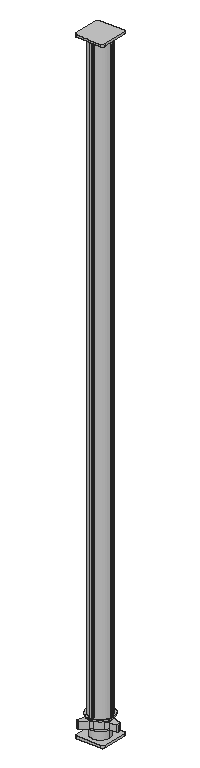
Revit family "EHL_ALUPROP 3,3-4,8_2220030", category Generic Models, Revit 2018
Family settings
  Can host rebar = No
  Round Connector Dimension = Use Diameter
  Part Type = Normal
  OmniClass Number = 35.51.14.00
  OmniClass Title = FORMWORK
  Work Plane-Based = Yes
  Always vertical = No
  Cut with Voids When Loaded = No
  Shared = Yes
  Room Calculation Point = No
Parameters (values of type "EHL_ALUPROP 3,3-4,8_2220030")
  VERSION = "20190101"  # constant formula
  URL = "www.ulmaconstruction.com/en"
  UNICLASS = ""
  Manufacturer = "ULMA CONSTRUCTION"  # constant formula
  MIN LENGTH = 3300.000 mm
  MAX LENGTH = 4800.000 mm
  ITEM_HEIGHT [instance] = if(HEIGHT < MIN LENGTH, MIN LENGTH, if(HEIGHT < MAX LENGTH, HEIGHT, MAX LENGTH))  # 3300.000 mm
  ITEM_CODE = "2220030"
  HEIGHT [instance] = 3300.000 mm
  FILTER [instance] = ""
  Default Elevation = 0.000 mm
  CLASSIFICATION_TITLE = ""
  CLASSIFICATION_NUMBER = ""
Reference planes
  plane 1 "Centro (Frontal/Posterior)": y = 0
  plane 2: z = 0
  plane 3 "Centro (Izquierda/Derecha)": x = 0
  plane 4 "ITEM_HEIGHT": z = 3300
  plane 5 "EXTERIOR TUBE": z = 58
  plane 6 "INSIDE TUBE": z = 1915
  plane 7 "NUT": z = 111
  plane 8: z = 3290
  plane 9: z = 10
  plane 10 "HEIGHT": z = 3300
Forms (mm)
  Extrusion 1, solid, material "ULMA ALUMINIUM", detail levels medium+fine
    sketch origin (0, 0, 0) x (1, 0, 0) y (0, 1, 0)
      loop
        arc (-65, 75) -> (-72.071, 72.071) -> (-75, 65) r 10
        line (-75, 65) -> (-75, -65)
        arc (-75, -65) -> (-72.071, -72.071) -> (-65, -75) r 10
        line (-65, -75) -> (65, -75)
        arc (65, -75) -> (72.071, -72.071) -> (75, -65) r 10
        line (75, -65) -> (75, 65)
        arc (75, 65) -> (72.071, 72.071) -> (65, 75) r 10
        line (65, 75) -> (-65, 75)
    from 0 to 10
  Extrusion 2, solid, material "ULMA ALUMINIUM", detail levels medium+fine
    sketch origin (0, 0, 0) x (1, 0, 0) y (0, 1, 0)
      loop
        circle (0, 0) r 47.5
    from 10 to 1915
  Extrusion 3, solid, material "ULMA ALUMINIUM", detail levels medium+fine
    sketch origin (0, 0, 740) x (1, 0, 0) y (0, 1, 0)
      loop
        arc (-65, 75) -> (-72.071, 72.071) -> (-75, 65) r 10
        line (-75, 65) -> (-75, -65)
        arc (-75, -65) -> (-72.071, -72.071) -> (-65, -75) r 10
        line (-65, -75) -> (65, -75)
        arc (65, -75) -> (72.071, -72.071) -> (75, -65) r 10
        line (75, -65) -> (75, 65)
        arc (75, 65) -> (72.071, 72.071) -> (65, 75) r 10
        line (65, 75) -> (-65, 75)
    from 2550 to 2560
  Extrusion 4, solid, material "ULMA ALUMINIUM", detail levels medium+fine
    sketch origin (0, 0, 0) x (1, 0, 0) y (0, 1, 0)
      loop
        arc (55.325, 8.668) -> (39.598, 39.598) -> (8.668, 55.325) r 56
        arc (8.668, 55.325) -> (8.221, 55.514) -> (7.916, 55.89) r 1
        line (7.916, 55.89) -> (6.404, 59.134)
        arc (6.404, 59.134) -> (5.85, 59.765) -> (5.044, 60) r 1.5
        line (5.044, 60) -> (-5.044, 60)
        arc (-5.044, 60) -> (-5.85, 59.765) -> (-6.404, 59.134) r 1.5
        line (-6.404, 59.134) -> (-7.916, 55.89)
        arc (-7.916, 55.89) -> (-8.221, 55.514) -> (-8.668, 55.325) r 1
        arc (-8.668, 55.325) -> (-39.598, 39.598) -> (-55.325, 8.668) r 56
        arc (-55.325, 8.668) -> (-55.514, 8.221) -> (-55.89, 7.916) r 1
        line (-55.89, 7.916) -> (-59.134, 6.404)
        arc (-59.134, 6.404) -> (-59.765, 5.85) -> (-60, 5.044) r 1.5
        line (-60, 5.044) -> (-60, -5.044)
        arc (-60, -5.044) -> (-59.765, -5.85) -> (-59.134, -6.404) r 1.5
        line (-59.134, -6.404) -> (-55.89, -7.916)
        arc (-55.89, -7.916) -> (-55.514, -8.221) -> (-55.325, -8.668) r 1
        arc (-55.325, -8.668) -> (-39.598, -39.598) -> (-8.668, -55.325) r 56
        arc (-8.668, -55.325) -> (-8.221, -55.514) -> (-7.916, -55.89) r 1
        line (-7.916, -55.89) -> (-6.404, -59.134)
        arc (-6.404, -59.134) -> (-5.85, -59.765) -> (-5.044, -60) r 1.5
        line (-5.044, -60) -> (5.044, -60)
        arc (5.044, -60) -> (5.85, -59.765) -> (6.404, -59.134) r 1.5
        line (6.404, -59.134) -> (7.916, -55.89)
        arc (7.916, -55.89) -> (8.221, -55.514) -> (8.668, -55.325) r 1
        arc (8.668, -55.325) -> (39.598, -39.598) -> (55.325, -8.668) r 56
        arc (55.325, -8.668) -> (55.514, -8.221) -> (55.89, -7.916) r 1
        line (55.89, -7.916) -> (59.134, -6.404)
        arc (59.134, -6.404) -> (59.765, -5.85) -> (60, -5.044) r 1.5
        line (60, -5.044) -> (60, 5.044)
        arc (60, 5.044) -> (59.765, 5.85) -> (59.134, 6.404) r 1.5
        line (59.134, 6.404) -> (55.89, 7.916)
        arc (55.89, 7.916) -> (55.514, 8.221) -> (55.325, 8.668) r 1
    from 111 to 3290
  Revolve 5, solid, material "ULMA ALUMINIUM", detail levels fine
    sketch origin (0, 0, 0) x (1, 0, 0) y (0, 0, 1)
      loop
        line (-67.5, 111) -> (-67.5, 106.7) -> (-54, 106.7) -> (-54, 62.998) -> (-62.5, 62.998) -> (-62.5, 58) -> (0, 58) -> (0, 111) -> (-67.5, 111)
      axis (0, 111) -> (0, 58)
    angle from 0 to 360
  Extrusion 6, solid, material "ULMA ALUMINIUM", detail levels fine
    sketch origin (0, 0, 0) x (1, 0, 0) y (0, 1, 0)
      loop
        line (-45.999, 42.313) -> (-49.88, 14.697) -> (12.212, 50.546) -> (-13.645, 60.992) -> (-40.109, 87.457)
        arc (-40.109, 87.457) -> (-42.401, 88.764) -> (-45.04, 88.722) r 5
        arc (-45.04, 88.722) -> (-49.75, 86.17) -> (-54.316, 83.367) r 99.5
        arc (-54.316, 83.367) -> (-55.671, 81.102) -> (-55.685, 78.464) r 5
        line (-55.685, 78.464) -> (-45.999, 42.313)
      loop
        line (59.643, 18.68) -> (37.668, 35.848) -> (37.668, -35.848) -> (59.643, -18.68) -> (95.794, -8.993)
        arc (95.794, -8.993) -> (98.072, -7.662) -> (99.356, -5.356) r 5
        arc (99.356, -5.356) -> (99.5, 0) -> (99.356, 5.356) r 99.5
        arc (99.356, 5.356) -> (98.072, 7.662) -> (95.794, 8.993) r 5
        line (95.794, 8.993) -> (59.643, 18.68)
      loop
        line (-13.645, -60.992) -> (12.212, -50.546) -> (-49.88, -14.697) -> (-45.999, -42.313) -> (-55.685, -78.464)
        arc (-55.685, -78.464) -> (-55.671, -81.102) -> (-54.316, -83.367) r 5
        arc (-54.316, -83.367) -> (-49.75, -86.17) -> (-45.04, -88.722) r 99.5
        arc (-45.04, -88.722) -> (-42.401, -88.764) -> (-40.109, -87.457) r 5
        line (-40.109, -87.457) -> (-13.645, -60.992)
    from 58 to 92.998
Cuts and joins
  joined: Revolve 5, Extrusion 6
Lines and regions (mm)
  model lines, style "ULMA ALUPROP", detail levels fine
    curve 1: circle (-58.362, 58.362, 0) r 6 normal (0, 0, 1)
    curve 2: circle (-25.831, 62.362, 0) r 6 normal (0, 0, 1)
    curve 3: circle (25.831, 62.362, 0) r 6 normal (0, 0, 1)
    curve 4: circle (58.362, 58.362, 0) r 6 normal (0, 0, 1)
    curve 5: circle (62.362, 25.831, 0) r 6 normal (0, 0, 1)
    curve 6: circle (62.362, -25.831, 0) r 6 normal (0, 0, 1)
    curve 7: circle (58.362, -58.362, 0) r 6 normal (0, 0, 1)
    curve 8: circle (25.831, -62.362, 0) r 6 normal (0, 0, 1)
    curve 9: circle (-25.831, -62.362, 0) r 6 normal (0, 0, 1)
    curve 10: circle (-58.362, -58.362, 0) r 6 normal (0, 0, 1)
    curve 11: circle (-62.362, -25.831, 0) r 6 normal (0, 0, 1)
    curve 12: circle (-62.362, 25.831, 0) r 6 normal (0, 0, 1)
    curve 13: circle (0, 0, 0) r 21 normal (0, 0, 1)
    curve 14: circle (-58.362, 58.362, 3300) r 6 normal (0, 0, 1)
    curve 15: circle (-25.831, 62.362, 3300) r 6 normal (0, 0, 1)
    curve 16: circle (25.831, 62.362, 3300) r 6 normal (0, 0, 1)
    curve 17: circle (58.362, 58.362, 3300) r 6 normal (0, 0, 1)
    curve 18: circle (62.362, 25.831, 3300) r 6 normal (0, 0, 1)
    curve 19: circle (62.362, -25.831, 3300) r 6 normal (0, 0, 1)
    curve 20: circle (58.362, -58.362, 3300) r 6 normal (0, 0, 1)
    curve 21: circle (25.831, -62.362, 3300) r 6 normal (0, 0, 1)
    curve 22: circle (-25.831, -62.362, 3300) r 6 normal (0, 0, 1)
    curve 23: circle (-58.362, -58.362, 3300) r 6 normal (0, 0, 1)
    curve 24: circle (-62.362, -25.831, 3300) r 6 normal (0, 0, 1)
    curve 25: circle (-62.362, 25.831, 3300) r 6 normal (0, 0, 1)
    curve 26: circle (0, 0, 3300) r 21 normal (0, 0, 1)
    curve 27: circle (-58.362, 58.362, 10) r 6 normal (0, 0, 1)
    curve 28: circle (-25.831, 62.362, 10) r 6 normal (0, 0, 1)
    curve 29: circle (25.831, 62.362, 10) r 6 normal (0, 0, 1)
    curve 30: circle (58.362, 58.362, 10) r 6 normal (0, 0, 1)
    curve 31: circle (62.362, 25.831, 10) r 6 normal (0, 0, 1)
    curve 32: circle (62.362, -25.831, 10) r 6 normal (0, 0, 1)
    curve 33: circle (58.362, -58.362, 10) r 6 normal (0, 0, 1)
    curve 34: circle (25.831, -62.362, 10) r 6 normal (0, 0, 1)
    curve 35: circle (-25.831, -62.362, 10) r 6 normal (0, 0, 1)
    curve 36: circle (-58.362, -58.362, 10) r 6 normal (0, 0, 1)
    curve 37: circle (-62.362, -25.831, 10) r 6 normal (0, 0, 1)
    curve 38: circle (-62.362, 25.831, 10) r 6 normal (0, 0, 1)
    curve 39: circle (-58.362, 58.362, 3290) r 6 normal (0, 0, 1)
    curve 40: circle (-25.831, 62.362, 3290) r 6 normal (0, 0, 1)
    curve 41: circle (25.831, 62.362, 3290) r 6 normal (0, 0, 1)
    curve 42: circle (58.362, 58.362, 3290) r 6 normal (0, 0, 1)
    curve 43: circle (62.362, 25.831, 3290) r 6 normal (0, 0, 1)
    curve 44: circle (62.362, -25.831, 3290) r 6 normal (0, 0, 1)
    curve 45: circle (58.362, -58.362, 3290) r 6 normal (0, 0, 1)
    curve 46: circle (25.831, -62.362, 3290) r 6 normal (0, 0, 1)
    curve 47: circle (-25.831, -62.362, 3290) r 6 normal (0, 0, 1)
    curve 48: circle (-58.362, -58.362, 3290) r 6 normal (0, 0, 1)
    curve 49: circle (-62.362, -25.831, 3290) r 6 normal (0, 0, 1)
    curve 50: circle (-62.362, 25.831, 3290) r 6 normal (0, 0, 1)
    curve 51: circle (0, 0, 58) r 47.5 normal (0, 0, 1)
  model lines, style "ULMA ALUPROP", detail levels coarse
    curve 52: circle (0, 0, 0) r 50 normal (0, 0, 1)
    curve 53: line (0, 0, 0) -> (0, 0, 3300)
Dimensions and locks
  equal spacing: plane 7 "NUT", Revolve 5 sketch curve, Revolve 5 sketch curve, plane 5 "EXTERIOR TUBE"
  locked: cut or joined group of Revolve 5, Extrusion 6 to plane 5 "EXTERIOR TUBE" at 34.998
  "ITEM_HEIGHT": plane 4 "ITEM_HEIGHT" to plane 2
  plane 4 "ITEM_HEIGHT" to plane 8 = 10.000 mm
  locked: plane 9 to plane 2 at 10
  "HEIGHT": plane 10 "HEIGHT" to plane 2
  locked: plane 6 "INSIDE TUBE" to plane 9 at 1905
  locked: plane 7 "NUT" to plane 5 "EXTERIOR TUBE" at 53
  locked: plane 8 to plane 7 "NUT" at 3179
  aligned and locked: level to plane 2
  aligned and locked: Extrusion 2 to Extrusion 1
  aligned and locked: plane 6 "INSIDE TUBE" to Extrusion 2
  aligned and locked: plane 4 "ITEM_HEIGHT" to Extrusion 3
  aligned and locked: Extrusion 4 to Extrusion 3
  aligned and locked: Extrusion 4 to plane 7 "NUT"
  aligned and locked: cut or joined group of Revolve 5, Extrusion 6 to plane 5 "EXTERIOR TUBE"
  aligned and locked: Extrusion 3 to plane 8
  aligned and locked: plane 9 to Extrusion 1
  aligned and locked: plane 4 "ITEM_HEIGHT" to curve 53
  aligned and locked: plane 2 to curve 53
Automatic sketch dimensions
  Extrusion 1 sketch curve to plane 3 "Centro (Izquierda/Derecha)" = 75.000 mm
  Extrusion 1 sketch curve to Extrusion 1 sketch curve = 10.000 mm  (x3)
  plane 3 "Centro (Izquierda/Derecha)" to Extrusion 1 sketch curve = 65.000 mm  (x2)
  plane 1 "Centro (Frontal/Posterior)" to Extrusion 1 sketch curve = 75.000 mm
  Extrusion 1 sketch curve to plane 1 "Centro (Frontal/Posterior)" = 65.000 mm
  plane 1 "Centro (Frontal/Posterior)" to Extrusion 2 sketch curve = 0.000 mm
  Extrusion 2 sketch curve to plane 3 "Centro (Izquierda/Derecha)" = 0.000 mm
  Extrusion 3 sketch curve to plane 3 "Centro (Izquierda/Derecha)" = 75.000 mm
  Extrusion 3 sketch curve to Extrusion 3 sketch curve = 10.000 mm  (x3)
  plane 3 "Centro (Izquierda/Derecha)" to Extrusion 3 sketch curve = 65.000 mm  (x2)
  plane 1 "Centro (Frontal/Posterior)" to Extrusion 3 sketch curve = 75.000 mm
  Extrusion 3 sketch curve to plane 1 "Centro (Frontal/Posterior)" = 65.000 mm
  Extrusion 4 sketch curve to Extrusion 4 sketch curve = 0.000 mm  (x20)
  plane 1 "Centro (Frontal/Posterior)" to Extrusion 4 sketch curve = 0.000 mm
  Extrusion 4 sketch curve to plane 3 "Centro (Izquierda/Derecha)" = 0.000 mm
  Extrusion 4 sketch curve to plane 3 "Centro (Izquierda/Derecha)" = 5.044 mm  (x2)
  Extrusion 4 sketch curve to Extrusion 4 sketch curve = 1.359 mm  (x4)
  Extrusion 4 sketch curve to Extrusion 4 sketch curve = 1.512 mm  (x4)
  Extrusion 4 sketch curve to Extrusion 4 sketch curve = 0.906 mm  (x8)
  plane 1 "Centro (Frontal/Posterior)" to Extrusion 4 sketch curve = 7.916 mm  (x2)
  Extrusion 4 sketch curve to plane 3 "Centro (Izquierda/Derecha)" = 55.890 mm
  Extrusion 4 sketch curve to plane 1 "Centro (Frontal/Posterior)" = 7.916 mm  (x2)
  Extrusion 4 sketch curve to Extrusion 4 sketch curve = 0.423 mm  (x8)
  Extrusion 4 sketch curve to Extrusion 4 sketch curve = 2.610 mm  (x8)
  Extrusion 4 sketch curve to plane 1 "Centro (Frontal/Posterior)" = 6.404 mm  (x2)
  Extrusion 4 sketch curve to Extrusion 4 sketch curve = 0.634 mm  (x6)
  plane 1 "Centro (Frontal/Posterior)" to Extrusion 4 sketch curve = 6.404 mm  (x2)
  Extrusion 4 sketch curve to Extrusion 4 sketch curve = 1.500 mm  (x2)
  plane 3 "Centro (Izquierda/Derecha)" to Extrusion 4 sketch curve = 5.044 mm  (x2)
  plane 3 "Centro (Izquierda/Derecha)" to Extrusion 4 sketch curve = 55.890 mm
  plane 1 "Centro (Frontal/Posterior)" to Extrusion 4 sketch curve = 55.890 mm
  Extrusion 4 sketch curve to plane 1 "Centro (Frontal/Posterior)" = 55.890 mm
  Revolve 5 sketch curve to plane 7 "NUT" = 0.000 mm  (x2)
  Revolve 5 sketch curve to plane 5 "EXTERIOR TUBE" = 0.000 mm  (x2)
  Revolve 5 sketch curve to plane 3 "Centro (Izquierda/Derecha)" = 0.000 mm  (x2)
  Revolve 5 sketch curve to plane 7 "NUT" = 4.300 mm
  Revolve 5 sketch curve to plane 3 "Centro (Izquierda/Derecha)" = 54.000 mm
  Revolve 5 sketch curve to Revolve 5 sketch curve = 8.500 mm
  Revolve 5 sketch curve to Revolve 5 sketch curve = 13.500 mm
  plane 5 "EXTERIOR TUBE" to Revolve 5 sketch curve = 4.998 mm
  Extrusion 6 sketch curve to Extrusion 6 sketch curve = 0.000 mm  (x7)
  plane 1 "Centro (Frontal/Posterior)" to Extrusion 6 sketch curve = 0.000 mm
  Extrusion 6 sketch curve to plane 3 "Centro (Izquierda/Derecha)" = 0.000 mm
  Extrusion 6 sketch curve to plane 3 "Centro (Izquierda/Derecha)" = 13.645 mm  (x2)
  Extrusion 6 sketch curve to Extrusion 6 sketch curve = 26.464 mm  (x2)
  Extrusion 6 sketch curve to Extrusion 6 sketch curve = 3.536 mm  (x4)
  Extrusion 6 sketch curve to Extrusion 6 sketch curve = 32.354 mm  (x2)
  plane 1 "Centro (Frontal/Posterior)" to Extrusion 6 sketch curve = 14.697 mm
  Extrusion 6 sketch curve to Extrusion 6 sketch curve = 3.881 mm  (x2)
  Extrusion 6 sketch curve to plane 1 "Centro (Frontal/Posterior)" = 14.697 mm
  Extrusion 6 sketch curve to Extrusion 6 sketch curve = 7.211 mm  (x2)
  Extrusion 6 sketch curve to Extrusion 6 sketch curve = 4.830 mm  (x2)
  plane 3 "Centro (Izquierda/Derecha)" to Extrusion 6 sketch curve = 12.212 mm  (x2)
  Extrusion 6 sketch curve to Extrusion 6 sketch curve = 25.457 mm
  plane 1 "Centro (Frontal/Posterior)" to Extrusion 6 sketch curve = 18.680 mm
  Extrusion 6 sketch curve to Extrusion 6 sketch curve = 21.975 mm  (x2)
  Extrusion 6 sketch curve to plane 1 "Centro (Frontal/Posterior)" = 18.680 mm
  Extrusion 6 sketch curve to plane 1 "Centro (Frontal/Posterior)" = 4.163 mm
  Extrusion 6 sketch curve to Extrusion 6 sketch curve = 34.857 mm
  plane 1 "Centro (Frontal/Posterior)" to Extrusion 6 sketch curve = 4.163 mm
  plane 1 "Centro (Frontal/Posterior)" to Extrusion 6 sketch curve = 8.993 mm
  Extrusion 6 sketch curve to Extrusion 6 sketch curve = 1.294 mm  (x4)
  Extrusion 6 sketch curve to plane 1 "Centro (Frontal/Posterior)" = 8.993 mm
  Extrusion 6 sketch curve to Extrusion 6 sketch curve = 17.169 mm  (x2)
  Extrusion 6 sketch curve to Extrusion 6 sketch curve = 27.615 mm  (x2)
  Extrusion 6 sketch curve to Extrusion 6 sketch curve = 14.697 mm  (x2)
  Extrusion 6 sketch curve to Extrusion 6 sketch curve = 10.447 mm  (x2)
  Extrusion 6 sketch curve to Extrusion 6 sketch curve = 36.151 mm  (x2)
  Extrusion 6 sketch curve to Extrusion 6 sketch curve = 4.163 mm  (x2)
  Extrusion 6 sketch curve to Extrusion 6 sketch curve = 1.395 mm  (x2)
  Extrusion 6 sketch curve to Extrusion 6 sketch curve = 4.856 mm
  curve 25 to Extrusion 3 = 12.638 mm
  curve 24 to Extrusion 3 = 12.638 mm
  curve 23 to Extrusion 3 = 16.638 mm  (x2)
  curve 14 to Extrusion 3 = 16.638 mm  (x2)
  curve 22 to Extrusion 3 = 12.638 mm
  curve 23 to curve 22 = 32.531 mm
  curve 15 to Extrusion 3 = 12.638 mm
  curve 14 to curve 15 = 32.531 mm
  curve 15 to curve 26 = 25.831 mm
  curve 16 to Extrusion 3 = 12.638 mm
  curve 16 to Extrusion 3 = 49.169 mm
  curve 21 to Extrusion 3 = 12.638 mm
  curve 21 to Extrusion 3 = 49.169 mm
  curve 17 to Extrusion 3 = 16.638 mm  (x2)
  curve 20 to Extrusion 3 = 16.638 mm  (x2)
  curve 18 to Extrusion 3 = 12.638 mm
  curve 19 to Extrusion 3 = 12.638 mm
  curve 20 to curve 19 = 32.531 mm
  curve 23 to curve 24 = 32.531 mm
  curve 26 to curve 15 = 62.362 mm
  curve 25 to Extrusion 3 = 49.169 mm
  curve 18 to Extrusion 3 = 49.169 mm
  curve 37 to Extrusion 1 = 12.638 mm
  curve 38 to Extrusion 1 = 12.638 mm
  curve 36 to Extrusion 1 = 16.638 mm  (x2)
  curve 27 to Extrusion 1 = 16.638 mm  (x2)
  curve 28 to Extrusion 1 = 12.638 mm
  curve 27 to curve 28 = 32.531 mm
  curve 35 to Extrusion 1 = 12.638 mm
  curve 36 to curve 35 = 32.531 mm
  curve 34 to Extrusion 1 = 12.638 mm
  curve 34 to Extrusion 1 = 49.169 mm
  curve 29 to Extrusion 1 = 12.638 mm
  curve 29 to Extrusion 1 = 49.169 mm
  curve 30 to Extrusion 1 = 16.638 mm  (x2)
  curve 33 to Extrusion 1 = 16.638 mm  (x2)
  curve 32 to Extrusion 1 = 12.638 mm
  curve 31 to Extrusion 1 = 12.638 mm
  curve 33 to curve 32 = 32.531 mm
  curve 36 to curve 37 = 32.531 mm
  curve 38 to Extrusion 1 = 49.169 mm
  curve 31 to Extrusion 1 = 49.169 mm
  Extrusion 3 to curve 49 = 12.638 mm
  Extrusion 3 to curve 50 = 12.638 mm
  Extrusion 3 to curve 48 = 16.638 mm  (x2)
  Extrusion 3 to curve 39 = 16.638 mm  (x2)
  Extrusion 3 to curve 40 = 12.638 mm
  curve 39 to curve 40 = 32.531 mm
  Extrusion 3 to curve 47 = 12.638 mm
  curve 48 to curve 47 = 32.531 mm
  Extrusion 3 to curve 46 = 12.638 mm
  Extrusion 3 to curve 46 = 49.169 mm
  Extrusion 3 to curve 41 = 12.638 mm
  Extrusion 3 to curve 41 = 49.169 mm
  Extrusion 3 to curve 42 = 16.638 mm  (x2)
  Extrusion 3 to curve 45 = 16.638 mm  (x2)
  Extrusion 3 to curve 44 = 12.638 mm
  Extrusion 3 to curve 43 = 12.638 mm
  curve 45 to curve 44 = 32.531 mm
  curve 48 to curve 49 = 32.531 mm
  Extrusion 3 to curve 50 = 49.169 mm
  Extrusion 3 to curve 43 = 49.169 mm
  curve 13 to curve 52 = 0.000 mm  (x2)
  plane 1 "Centro (Frontal/Posterior)" to curve 13 = 0.000 mm
  curve 13 to plane 3 "Centro (Izquierda/Derecha)" = 0.000 mm
  curve 2 to plane 3 "Centro (Izquierda/Derecha)" = 25.831 mm
  curve 9 to plane 3 "Centro (Izquierda/Derecha)" = 25.831 mm
  curve 1 to curve 2 = 32.531 mm
  curve 10 to curve 9 = 32.531 mm
  curve 12 to curve 1 = 4.000 mm
  curve 11 to curve 10 = 4.000 mm
  plane 3 "Centro (Izquierda/Derecha)" to curve 8 = 25.831 mm
  plane 3 "Centro (Izquierda/Derecha)" to curve 3 = 25.831 mm
  curve 3 to curve 4 = 32.531 mm
  curve 8 to curve 7 = 32.531 mm
  curve 4 to curve 5 = 4.000 mm
  curve 7 to curve 6 = 4.000 mm
  plane 1 "Centro (Frontal/Posterior)" to curve 11 = 25.831 mm
  plane 1 "Centro (Frontal/Posterior)" to curve 6 = 25.831 mm
  curve 7 to curve 6 = 32.531 mm
  curve 10 to curve 11 = 32.531 mm
  curve 8 to curve 7 = 4.000 mm
  curve 9 to curve 10 = 4.000 mm
  curve 12 to plane 1 "Centro (Frontal/Posterior)" = 25.831 mm
  curve 5 to plane 1 "Centro (Frontal/Posterior)" = 25.831 mm
  curve 12 to curve 1 = 32.531 mm
  curve 5 to curve 4 = 32.531 mm
  curve 1 to curve 2 = 4.000 mm
  curve 4 to curve 3 = 4.000 mm
  curve 53 to plane 3 "Centro (Izquierda/Derecha)" = 0.000 mm
  radius of Extrusion 2 sketch curve = 47.500 mm
  radius of curve 14 = 6.000 mm
  radius of curve 15 = 6.000 mm
  radius of curve 16 = 6.000 mm
  radius of curve 17 = 6.000 mm
  radius of curve 18 = 6.000 mm
  radius of curve 19 = 6.000 mm
  radius of curve 20 = 6.000 mm
  radius of curve 21 = 6.000 mm
  radius of curve 22 = 6.000 mm
  radius of curve 23 = 6.000 mm
  radius of curve 24 = 6.000 mm
  radius of curve 25 = 6.000 mm
  radius of curve 26 = 21.000 mm
  radius of curve 27 = 6.000 mm
  radius of curve 28 = 6.000 mm
  radius of curve 29 = 6.000 mm
  radius of curve 30 = 6.000 mm
  radius of curve 31 = 6.000 mm
  radius of curve 32 = 6.000 mm
  radius of curve 33 = 6.000 mm
  radius of curve 34 = 6.000 mm
  radius of curve 35 = 6.000 mm
  radius of curve 36 = 6.000 mm
  radius of curve 37 = 6.000 mm
  radius of curve 38 = 6.000 mm
  radius of curve 39 = 6.000 mm
  radius of curve 40 = 6.000 mm
  radius of curve 41 = 6.000 mm
  radius of curve 42 = 6.000 mm
  radius of curve 43 = 6.000 mm
  radius of curve 44 = 6.000 mm
  radius of curve 45 = 6.000 mm
  radius of curve 46 = 6.000 mm
  radius of curve 47 = 6.000 mm
  radius of curve 48 = 6.000 mm
  radius of curve 49 = 6.000 mm
  radius of curve 50 = 6.000 mm
  radius of curve 51 to Revolve 5 = 15.000 mm
  radius of curve 1 = 6.000 mm
  radius of curve 2 = 6.000 mm
  radius of curve 3 = 6.000 mm
  radius of curve 4 = 6.000 mm
  radius of curve 5 = 6.000 mm
  radius of curve 6 = 6.000 mm
  radius of curve 7 = 6.000 mm
  radius of curve 8 = 6.000 mm
  radius of curve 9 = 6.000 mm
  radius of curve 10 = 6.000 mm
  radius of curve 11 = 6.000 mm
  radius of curve 12 = 6.000 mm
  radius of curve 13 = 21.000 mm
  radius of curve 52 = 50.000 mm
